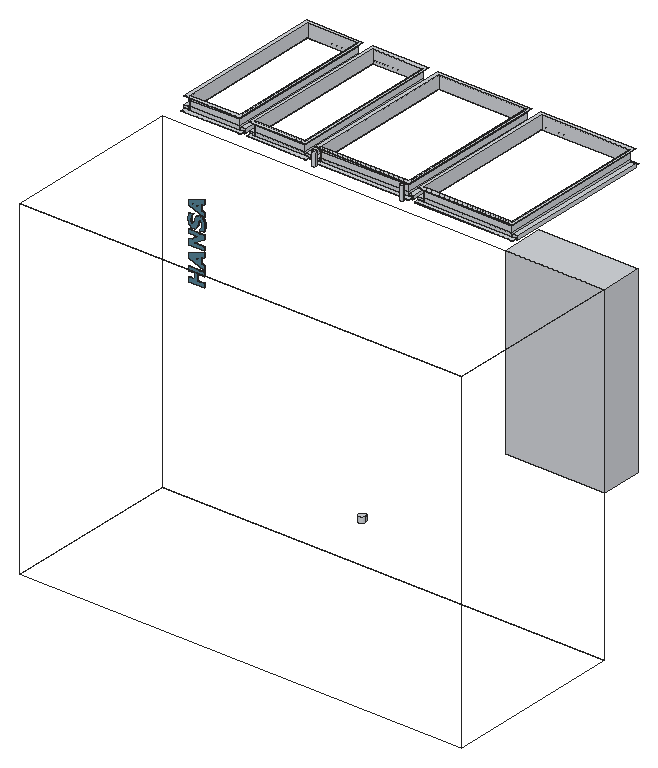
Revit family "KL-P-034-L", category HLS-Bauteile, Revit 2020
Family settings
  Bemaßung runder Anschluss = Durchmesser verwenden
  Klassifizierung = Keine
  Teiletyp = Normal
  Arbeitsebenenbasiert = Nein
  Immer vertikal = Ja
  Beim Laden mit Abzugskörper schneiden = Nein
  Gemeinsam genutzt = Nein
  Raumberechnungspunkt = Nein
Parameters
  Zuluftbreite [instance] = 530 mm  # constant formula
  Vorgabe-Ansicht = 0 mm
  TyS [instance] = size_lookup("TyS_Hansa_KL_P", "", "ND", RLT_Serie, Gehaeuserichtung, Gehaeuseausfuehrung, RLT_MSR_KZ)  # "KL-P-034-L-eCS"
  Schaltschrankbreite [instance] = 600 mm
  Schaltschrank_montiert [instance] = yes
  SSaG [instance] = and(or(Regelung SAIA, Regelung OJ), Schaltschrank_montiert)  # yes
  Regelung SAIA [instance] = yes
  Regelung OJ [instance] = no
  RLT_Volumenstrom_max = 3400 m³/h  # constant formula
  RLT_Volumenstrom_Unit_2 [instance] = 3400 m³/h
  RLT_Volumenstrom_Unit_1 [instance] = 3400 m³/h
  RLT_Typenschlüssel [instance] = TyS  # "KL-P-034-L-eCS"
  RLT_Serie = "KL-P-034"  # constant formula
  RLT_Material_außen [instance] = Stahlblech verzinkt + RAL 9002
  RLT_MSR_KZ [instance] = if(Regelung SAIA, "eCS", if(Regelung OJ, "eCO", "-"))  # "eCS"
  RLT_Länge [instance] = L  # 2070 mm
  RLT_Höhe = H  # 1890 mm
  RLT_Gewicht [instance] = size_lookup("TD_Hansa_KL_P", "Gewicht", 0 mm, TyS) / 1 mm * 1.00 kg  # 777.00 kg
  RLT_Breite = B  # 1080 mm
  Modell = "KL-P-034-L"  # constant formula
  L2 = 1295 mm  # constant formula
  L1 = 775 mm  # constant formula
  L = L1 + L2  # 2070 mm
  Kanaltiefe [instance] = RLT_Breite - 190 mm  # 890 mm
  Hersteller = "Hansa"  # constant formula
  H = 1890 mm  # constant formula
  GeräteOK [instance] = H + Fuß  # 2010 mm
  Gehaeuserichtung [instance] = "L"  # constant formula
  Gehaeuseausfuehrung [instance] = "ungeteilt"  # constant formula
  GD_Spannung [instance] = 230 V
  GD_Phasen [instance] = 1
  GD_Nennstrom [instance] = 0 A
  GD_Anschlussleistung [instance] = 0 W
  Fuß [instance] = 120 mm  # constant formula
  Fortluftbreite = 300 mm  # constant formula
  Bedienzone [instance] = yes
  Baugruppe [instance] = "RLT-Gerät"  # constant formula
  BZl [instance] = if(and(or(Regelung SAIA, Regelung OJ), Schaltschrank_montiert), L + Schaltschrankbreite, L)  # 2670 mm
  B = 1080 mm  # constant formula
  Außenluftbreite = 300 mm  # constant formula
  Abluftbreite [instance] = 530 mm  # constant formula
Reference planes
  plane 1 "Mitte (Vorne/hinten)": y = 0
  plane 2: z = 0
  plane 3 "Mitte (Links/rechts)": x = 0
  plane 4: x = -1035
  plane 5: x = 1035
  plane 6 "GV": y = -540
  plane 7 "GH": y = 540
  plane 8 "OKG": z = 2010
  plane 9: y = 477.5
  plane 10: y = -312.5
  plane 11: x = -972.5
  plane 12: x = 972.5
  plane 13: x = -672.5
  plane 14: x = -577.5
  plane 15: x = -277.5
  plane 16: x = 442.5
  plane 17: x = 347.5
  plane 18: x = -182.5
  plane 19: z = 2090
  plane 20 "UKG": z = 120
  plane 21: y = -290
  plane 22: y = -330
  plane 23: z = 90
  plane 24: y = -464
  plane 25: x = -260
  plane 26: y = -1620
  plane 27: x = 1635
Forms (mm)
  Extrusion 1, solid, visible <- "SSaG"
    sketch origin (-256.559, 0, -70) x (1, 0, 0) y (0, 0, 1)
      loop
        line (1291.559, 2080) -> (1291.559, 980) -> (1891.559, 980) -> (1891.559, 2080) -> (1291.559, 2080)
    from 540 to 290
  Extrusion 2, solid
    sketch origin (0, 0, 0) x (1, 0, 0) y (0, 1, 0)
      loop
        circle (0, -330) r 20
    from 120 to 90
  Extrusion 3, solid
    sketch origin (0, 0, 0) x (1, 0, 0) y (0, 1, 0)
      loop
        circle (-182.5, -464) r 10
      loop
        circle (347.5, -464) r 10
    from 2090 to 2010
  Extrusion 4, solid, material "Glas - klar", visible <- "Bedienzone"
    sketch origin (0, 0, 0) x (1, 0, 0) y (0, 1, 0)
      loop
        line (-1035, -540) -> (-1035, -1620) -> (1635, -1620) -> (1635, -540) -> (-1035, -540)
    from 2010 to 0
Dimensions and locks
  equal spacing: plane 4, plane 3 "Mitte (Links/rechts)", plane 5
  "L": plane 4 to plane 5
  "B": plane 7 "GH" to plane 6 "GV"
  locked: plane 7 "GH" to plane 9 at 62.5
  locked: plane 4 to plane 11 at 62.5
  locked: plane 12 to plane 5 at 62.5
  "Fortluftbreite": plane 11 to plane 13
  locked: plane 13 to plane 14 at 95
  "Außenluftbreite": plane 14 to plane 15
  "Abluftbreite": plane 16 to plane 12
  locked: plane 17 to plane 16 at 95
  "Zuluftbreite": plane 18 to plane 17
  plane 15 to plane 18 = 95 mm
  locked: nested 3 to plane 16 at 95
  "Fuß": plane 20 "UKG" to level
  plane 19 to plane 8 "OKG" = 80 mm
  locked: plane 4 to nested 1 at 62.5
  locked: plane 13 to nested 2 at 95
  locked: nested 4 to plane 5 at 62.5
  Extrusion 1 to plane 5 = 600 mm
  "RLT_Höhe": plane 8 "OKG" to plane 20 "UKG"
  equal spacing: plane 7 "GH", plane 1 "Mitte (Vorne/hinten)", plane 6 "GV"
  locked: plane 6 "GV" to plane 21 at 250
  locked: plane 6 "GV" to plane 22 at 210
  plane 20 "UKG" to plane 23 = 30 mm
  locked: plane 24 to plane 6 "GV" at 76
  "L1": plane 4 to plane 25
  "B": plane 26 to plane 6 "GV"
  "BZl": Extrusion 4 to Extrusion 4
  "Schaltschrankbreite": plane 5 to plane 27
  aligned and locked: level to plane 2
  aligned and locked: Extrusion 1 to plane 8 "OKG"
  aligned and locked: plane 6 "GV" to Extrusion 1
  aligned and locked: Extrusion 1 to plane 21
  aligned and locked: plane 20 "UKG" to Extrusion 2
  aligned and locked: Extrusion 2 to plane 23
  aligned and locked: Extrusion 3 to plane 8 "OKG"
  aligned and locked: plane 19 to Extrusion 3
  aligned and locked: plane 4 to Extrusion 4
  aligned and locked: Extrusion 4 to plane 6 "GV"
  aligned and locked: Extrusion 4 to plane 26
  aligned and locked: plane 8 "OKG" to Extrusion 4
  aligned and locked: plane 27 to Extrusion 1
  aligned and locked: plane 7 "GH" to nested 6
  aligned and locked: plane 4 to nested 6
Automatic sketch dimensions
  Extrusion 1 sketch curve to plane 5 = 0 mm
  Extrusion 1 sketch curve to plane 8 "OKG" = 0 mm
  plane 5 to Extrusion 1 sketch curve = 600 mm
  plane 20 "UKG" to Extrusion 1 sketch curve = 790 mm
  Extrusion 2 sketch curve to plane 3 "Mitte (Links/rechts)" = 0 mm
  Extrusion 2 sketch curve to plane 22 = 0 mm
  Extrusion 3 sketch curve to plane 18 = 0 mm
  Extrusion 3 sketch curve to plane 17 = 0 mm
  Extrusion 3 sketch curve to plane 24 = 0 mm  (x2)
  Extrusion 4 sketch curve to plane 4 = 0 mm
  plane 5 to Extrusion 4 sketch curve = 600 mm
  Extrusion 4 sketch curve to plane 26 = 0 mm
  plane 6 "GV" to Extrusion 4 sketch curve = 0 mm
  radius of Extrusion 2 sketch curve = 20 mm
  radius of Extrusion 3 sketch curve = 10 mm  (x2)
Nested families
  nested 1: "Kanalstutzen" at (-822.5, 29.209, 2010) x (1, 0, 0) z (0, -1, 0), 2570_EST_Breite <- "Fortluftbreite", 2571_EST_Höhe <- "Kanaltiefe", built-in parameter 1001360 <- "GeräteOK", type "Kanalstutzen"
    with Tiefe 80 mm, RahmenG2 20 mm, RahmenG1 30 mm, Höhe 890 mm, Breite 300 mm, 2572_EST_Tiefe 80 mm, 2571_EST_Höhe 890 mm, 2570_EST_Breite 300 mm, 1966_EST_Rahmentyp ""
  nested 2: "Kanalstutzen" at (-427.5, 29.209, 2010) x (1, 0, 0) z (0, -1, 0), 2570_EST_Breite <- "Außenluftbreite", 2571_EST_Höhe <- "Kanaltiefe", built-in parameter 1001360 <- "GeräteOK", type "Kanalstutzen"
    with Tiefe 80 mm, RahmenG2 20 mm, RahmenG1 30 mm, Höhe 890 mm, Breite 300 mm, 2572_EST_Tiefe 80 mm, 2571_EST_Höhe 890 mm, 2570_EST_Breite 300 mm, 1966_EST_Rahmentyp ""
  nested 3: "Kanalstutzen" at (82.5, 29.209, 2010) x (1, 0, 0) z (0, -1, 0), 2570_EST_Breite <- "Zuluftbreite", 2571_EST_Höhe <- "Kanaltiefe", built-in parameter 1001360 <- "GeräteOK", type "Kanalstutzen"
    with Tiefe 80 mm, RahmenG2 20 mm, RahmenG1 30 mm, Höhe 890 mm, Breite 530 mm, 2572_EST_Tiefe 80 mm, 2571_EST_Höhe 890 mm, 2570_EST_Breite 530 mm, 1966_EST_Rahmentyp ""
  nested 4: "Kanalstutzen" at (707.5, 29.209, 2010) x (1, 0, 0) z (0, -1, 0), 2570_EST_Breite <- "Abluftbreite", 2571_EST_Höhe <- "Kanaltiefe", built-in parameter 1001360 <- "GeräteOK", type "Kanalstutzen"
    with Tiefe 80 mm, RahmenG2 20 mm, RahmenG1 30 mm, Höhe 890 mm, Breite 530 mm, 2572_EST_Tiefe 80 mm, 2571_EST_Höhe 890 mm, 2570_EST_Breite 530 mm, 1966_EST_Rahmentyp ""
  nested 5: "Hansa_Aufkleber_klein" at (-780, -540, 1390) x (0, 0, 1) z (0, -1, 0), type "Hansa_Aufkleber_klein"
  nested 6: "P-034-L_ipt" at (0, 0, 0), type "Norm"
Connectors
  hvac at (-822.5, 29.209, 2089), driven by "RLT_Volumenstrom_Unit_2", driven by "Fortluftbreite", driven by "Kanaltiefe"
    settings: on nested 1, index 1, duct flow 3400 m³/h, flow factor 0, pres drop 0.0 Pa, loss coef 0, conn angle 0.00°, conn width 300 mm, conn height 890 mm, conn diameter 609.6 mm, duct sys type 3, conn prof type 1, flow config 1, flow direction 2, loss method 0, conn ref index -1, conn util no, is conn primary yes, conn desc ""
  hvac at (-427.5, 29.209, 2089), driven by "RLT_Volumenstrom_Unit_1", driven by "Außenluftbreite", driven by "Kanaltiefe"
    settings: on nested 2, index 2, duct flow 3400 m³/h, flow factor 0, pres drop 0.0 Pa, loss coef 0, conn angle 0.00°, conn width 300 mm, conn height 890 mm, conn diameter 609.6 mm, duct sys type 1, conn prof type 1, flow config 1, flow direction 1, loss method 0, conn ref index -1, conn util no, is conn primary no, conn desc ""
  hvac at (82.5, 29.209, 2089), driven by "RLT_Volumenstrom_Unit_1", driven by "Zuluftbreite", driven by "Kanaltiefe"
    settings: on nested 3, index 3, duct flow 3400 m³/h, flow factor 0, pres drop 0.0 Pa, loss coef 0, conn angle 0.00°, conn width 530 mm, conn height 890 mm, conn diameter 609.6 mm, duct sys type 1, conn prof type 1, flow config 0, flow direction 2, loss method 0, conn ref index -1, conn util no, is conn primary no, conn desc ""
  hvac at (707.5, 29.209, 2089), driven by "RLT_Volumenstrom_Unit_2", driven by "Abluftbreite", driven by "Kanaltiefe"
    settings: on nested 4, index 4, duct flow 3400 m³/h, flow factor 0, pres drop 0.0 Pa, loss coef 0, conn angle 0.00°, conn width 530 mm, conn height 890 mm, conn diameter 609.6 mm, duct sys type 2, conn prof type 1, flow config 0, flow direction 1, loss method 0, conn ref index -1, conn util no, is conn primary no, conn desc ""
  piping at (0, -330, 90), diameter 40
    settings: on Extrusion 2, index 5, connector inside diameter 609.6 mm, connector length 0 mm, flow factor 0, pipe flow 0.0 L/s, pressure drop 0.0 Pa, fitting loss kfactor 0, connector angle 0.00°, fixture units 0, engagement length 0 mm, angle of deflection 0.00°, flow configuration 0, flow direction 2, fitting loss method 0, system type 16, joint type 0, gender type 0, connector reference index -1, connector utility 0, adjustable connector no, is connector primary yes, connector description ""
  piping at (-182.5, -464, 2090), diameter 20
    settings: on Extrusion 3, index 6, connector inside diameter 609.6 mm, connector length 0 mm, flow factor 0, pipe flow 0.0 L/s, pressure drop 0.0 Pa, fitting loss kfactor 0, connector angle 0.00°, fixture units 0, engagement length 0 mm, angle of deflection 0.00°, flow configuration 0, flow direction 1, fitting loss method 0, system type 7, joint type 0, gender type 0, connector reference index -1, connector utility 0, adjustable connector no, is connector primary no, connector description ""
  piping at (347.5, -464, 2090), diameter 20
    settings: on Extrusion 3, index 7, connector inside diameter 609.6 mm, connector length 0 mm, flow factor 0, pipe flow 0.0 L/s, pressure drop 0.0 Pa, fitting loss kfactor 0, connector angle 0.00°, fixture units 0, engagement length 0 mm, angle of deflection 0.00°, flow configuration 0, flow direction 2, fitting loss method 0, system type 19, joint type 0, gender type 0, connector reference index -1, connector utility 0, adjustable connector no, is connector primary no, connector description ""
Definition of nested family "Kanalstutzen"
  Parameters (values of type "Kanalstutzen")
    Default Elevation = 0 mm
    Tiefe [instance] = [2572_EST_Tiefe]  # 80 mm
    RahmenG2 [instance] = 20 mm
    RahmenG1 [instance] = 30 mm
    Höhe [instance] = [2571_EST_Höhe]  # 500 mm
    Manufacturer = "Hansa"
    Breite [instance] = [2570_EST_Breite]  # 1000 mm
    Description = "Durchbruchsverkleidung"
    2572_EST_Tiefe [instance] = 80 mm
    2571_EST_Höhe [instance] = 500 mm
    2570_EST_Breite [instance] = 1000 mm
    1966_EST_Rahmentyp [instance] = ""
  Reference planes
    plane 1 "Mitte (Vorne/hinten)": y = 0
    plane 2: z = 0
    plane 3 "Mitte (Links/rechts)": x = 0
    plane 4: x = -500
    plane 5: x = 500
    plane 6 "hinten": y = 80
    plane 7: z = 250
    plane 8: z = -250
    plane 9 "R1links": x = -530
    plane 10 "R1rechts": x = 530
    plane 11 "R2links": x = -520
    plane 12 "R2rechts": x = 520
    plane 13 "R1oben": z = 280
    plane 14 "R1unten": z = -280
    plane 15: z = -270
    plane 16: z = 270
  Forms (mm)
    Sweep 1, solid
      path origin (0, 0, 0) x (1, 0, 0) y (0, 0, 1)
        loop
          line (-500, 250) -> (-500, -250) -> (500, -250) -> (500, 250) -> (-500, 250)
      profile origin (0, 0, 250) x (0, 0, 1) y (0, -1, 0)
        loop
          line (0, -40) -> (0, -80) -> (20, -80) -> (20, -79) -> (1.999, -79) -> (1.999, -59) -> (0.962, -59) -> (0.962, -21.406) -> (1.999, -21.406) -> (1.999, -1.406) -> (30, -1.406) -> (30, 0) -> (0, 0) -> (0, -40)
  Dimensions and locks
    equal spacing: plane 4, plane 3 "Mitte (Links/rechts)", plane 5
    "Breite": plane 4 to plane 5
    equal spacing: plane 7, level, plane 8
    "Höhe": plane 7 to plane 8
    "RahmenG1": plane 9 "R1links" to plane 4
    "RahmenG1": plane 5 to plane 10 "R1rechts"
    "RahmenG2": plane 11 "R2links" to plane 4
    "RahmenG2": plane 5 to plane 12 "R2rechts"
    "RahmenG1": plane 13 "R1oben" to plane 7
    "RahmenG1": plane 8 to plane 14 "R1unten"
    "RahmenG2": plane 16 to plane 7
    "RahmenG2": plane 8 to plane 15
    Sweep 1 sketch curve to Sweep 1 sketch curve = 1.406 mm
    Sweep 1 sketch curve to Sweep 1 sketch curve = 1 mm
    Sweep 1 sketch curve to Sweep 1 sketch curve = 0.962 mm
    "2572_EST_Tiefe": plane 6 "hinten" to plane 1 "Mitte (Vorne/hinten)"
    aligned and locked: level to plane 2
    aligned and locked: plane 16 to Sweep 1 sketch curve
    aligned and locked: plane 13 "R1oben" to Sweep 1 sketch curve
    aligned and locked: plane 1 "Mitte (Vorne/hinten)" to Sweep 1
    aligned and locked: plane 1 "Mitte (Vorne/hinten)" to nested 1
    aligned and locked: nested 1 to plane 10 "R1rechts"
    aligned and locked: nested 2 to plane 9 "R1links"
    aligned and locked: plane 8 to nested 2
    aligned and locked: nested 1 to plane 8
  Automatic sketch dimensions
    plane 4 to Sweep 1 sketch curve = 0 mm
    plane 5 to Sweep 1 sketch curve = 0 mm
    Sweep 1 sketch curve to plane 8 = 0 mm
    Sweep 1 sketch curve to plane 7 = 0 mm
    Sweep 1 sketch curve to plane 1 "Mitte (Vorne/hinten)" = 0 mm
    profile plane to Sweep 1 sketch curve = 0 mm
    Sweep 1 sketch curve to profile plane = 1.999 mm  (x2)
    Sweep 1 sketch curve to Sweep 1 sketch curve = 20 mm  (x2)
    Sweep 1 sketch curve to Sweep 1 sketch curve = 18.594 mm
    Sweep 1 sketch curve to Sweep 1 sketch curve = 19 mm
  Nested families
    nested 1: "EGJK30" at (520, 0, -250), L <- "Höhe", type "EGJK30"
      with L 500 mm
    nested 2: "EGJK30" at (-520, 0, -250) x (-1, 0, 0) z (0, 0, 1), L <- "Höhe", type "EGJK30"
      with L 500 mm
  Definition of nested family "EGJK30"
    Parameters (values of type "EGJK30")
      Default Elevation = 0 mm
      L [instance] = 1000 mm
    Reference planes
      plane 1 "Mitte (Vorne/hinten)": y = 0
      plane 2: z = 0
      plane 3 "Mitte (Links/rechts)": x = 0
    Forms (mm)
      Extrusion 1, solid
        sketch origin (16.67, -35.46, 0) x (1, 0, 0) y (0, 1, 0)
          loop
            line (-26.67, 25.46) -> (-6.67, 25.46) -> (-6.67, 30.46) -> (-1.67, 30.46) -> (-1.67, 50.46) -> (-34.67, 50.46) -> (-34.67, 38.46) -> (-5.67, 38.46) -> (-5.67, 35.46) -> (-25.67, 35.46) -> (-25.67, 36.96) -> (-34.67, 36.96) -> (-34.67, 33.96) -> (-26.67, 25.46)
        from 0 to 1000
    Dimensions and locks
      "L": Extrusion 1 to Extrusion 1
      aligned and locked: level to plane 2
    Automatic sketch dimensions
      plane 1 "Mitte (Vorne/hinten)" to Extrusion 1 sketch curve = 0 mm
      Extrusion 1 sketch curve to plane 3 "Mitte (Links/rechts)" = 18 mm
      plane 1 "Mitte (Vorne/hinten)" to Extrusion 1 sketch curve = 1.5 mm
      Extrusion 1 sketch curve to Extrusion 1 sketch curve = 0 mm
      Extrusion 1 sketch curve to plane 3 "Mitte (Links/rechts)" = 10 mm
      Extrusion 1 sketch curve to plane 3 "Mitte (Links/rechts)" = 9 mm
      plane 1 "Mitte (Vorne/hinten)" to Extrusion 1 sketch curve = 5 mm
      plane 3 "Mitte (Links/rechts)" to Extrusion 1 sketch curve = 10 mm
      Extrusion 1 sketch curve to Extrusion 1 sketch curve = 1 mm
      Extrusion 1 sketch curve to Extrusion 1 sketch curve = 5 mm
      plane 1 "Mitte (Vorne/hinten)" to Extrusion 1 sketch curve = 10 mm
      Extrusion 1 sketch curve to plane 1 "Mitte (Vorne/hinten)" = 1.5 mm
      Extrusion 1 sketch curve to Extrusion 1 sketch curve = 1.5 mm
      Extrusion 1 sketch curve to Extrusion 1 sketch curve = 12 mm
Definition of nested family "Hansa_Aufkleber_klein"
  Parameters (values of type "Hansa_Aufkleber_klein")
    Default Elevation = 1219.2 mm
  Reference planes
    plane 1 "Mitte (Vorne/hinten)": y = 0
    plane 2: z = 0
    plane 3 "Mitte (Links/rechts)": x = 0
  Forms (mm)
    Extrusion 1, solid, detail levels medium+fine
      sketch origin (6.994, -10.767, 0) x (1, 0, 0) y (0, 1, 0)
        loop
          line (-226.694, 10.767) -> (-201.573, 10.767) -> (-201.573, 55.095) -> (-167.456, 55.095) -> (-167.456, 10.767) -> (-142.335, 10.767) -> (-142.335, 110.767) -> (-167.456, 110.767) -> (-167.456, 74.138) -> (-201.573, 74.138) -> (-201.573, 110.767) -> (-226.694, 110.767) -> (-226.694, 10.767)
        loop
          line (202.074, 82.404) -> (191.782, 49.341) -> (212.284, 49.341) -> (202.074, 82.404)
        loop
          line (188.703, 110.767) -> (154.91, 10.767) -> (180.032, 10.767) -> (186.353, 31.189) -> (217.795, 31.189) -> (224.035, 10.767) -> (249.886, 10.767) -> (216.093, 110.767) -> (188.703, 110.767)
        loop
          line (34.084, 10.767) -> (58.233, 10.767) -> (58.233, 110.767) -> (35.299, 110.767) -> (35.299, 53.474) -> (3.37, 110.767) -> (-27.424, 110.767) -> (-27.424, 10.767) -> (-4.49, 10.767) -> (-4.49, 80.459) -> (34.084, 10.767)
        loop
          line (-85.203, 82.404) -> (-95.495, 49.341) -> (-74.993, 49.341) -> (-85.203, 82.404)
        loop
          line (-98.575, 110.767) -> (-132.367, 10.767) -> (-107.245, 10.767) -> (-100.925, 31.189) -> (-69.482, 31.189) -> (-63.242, 10.767) -> (-37.391, 10.767) -> (-71.184, 110.767) -> (-98.575, 110.767)
        loop
          line (73.143, 16.683) -> (80.903, 13.695) -> (89.27, 11.213) -> (93.783, 10.238) -> (98.65, 9.542) -> (103.872, 9.124) -> (109.448, 8.984) -> (114.303, 9.126) -> (118.902, 9.552) -> (123.243, 10.261) -> (127.327, 11.253) -> (131.154, 12.53) -> (134.724, 14.09) -> (138.037, 15.933) -> (141.093, 18.061) -> (143.838, 20.421) -> (146.216, 22.963) -> (148.229, 25.688) -> (149.876, 28.595) -> (151.156, 31.685) -> (152.071, 34.957) -> (152.62, 38.411) -> (152.803, 42.048) -> (152.724, 44.578) -> (152.487, 46.981) -> (152.091, 49.257) -> (151.537, 51.407) -> (150.825, 53.431) -> (149.954, 55.328) -> (148.925, 57.098) -> (147.738, 58.741) -> (144.874, 61.745) -> (141.346, 64.434) -> (137.155, 66.81) -> (132.301, 68.871) -> (127.124, 70.542) -> (122.293, 71.829) -> (112.609, 74.057) -> (109.035, 74.977) -> (106.095, 75.952) -> (103.788, 76.982) -> (102.114, 78.069) -> (100.927, 79.287) -> (100.078, 80.713) -> (99.569, 82.346) -> (99.4, 84.187) -> (99.506, 85.453) -> (99.825, 86.659) -> (100.357, 87.803) -> (101.101, 88.887) -> (102.965, 90.731) -> (105.153, 92.048) -> (107.99, 93.142) -> (110.664, 93.83) -> (113.439, 94.195) -> (116.579, 94.317) -> (120.768, 94.112) -> (124.906, 93.496) -> (128.993, 92.471) -> (133.03, 91.035) -> (136.889, 89.3) -> (140.445, 87.378) -> (143.697, 85.268) -> (146.644, 82.971) -> (148.832, 82.971) -> (148.832, 105.824) -> (145.231, 107.285) -> (141.397, 108.589) -> (137.33, 109.737) -> (133.03, 110.727) -> (128.608, 111.524) -> (124.177, 112.094) -> (119.735, 112.436) -> (115.283, 112.55) -> (110.919, 112.414) -> (106.741, 112.006) -> (102.749, 111.325) -> (98.944, 110.372) -> (95.324, 109.147) -> (91.891, 107.65) -> (88.644, 105.88) -> (85.583, 103.839) -> (82.8, 101.578) -> (80.389, 99.151) -> (78.348, 96.559) -> (76.679, 93.8) -> (75.38, 90.876) -> (74.453, 87.786) -> (73.896, 84.53) -> (73.711, 81.108) -> (74.025, 76.136) -> (74.967, 71.596) -> (76.537, 67.486) -> (78.735, 63.806) -> (80.094, 62.119) -> (81.657, 60.522) -> (83.426, 59.014) -> (85.4, 57.597) -> (87.58, 56.269) -> (89.964, 55.031) -> (92.553, 53.884) -> (95.348, 52.826) -> (100.625, 51.195) -> (106.247, 49.868) -> (111.869, 48.642) -> (117.147, 47.315) -> (119.104, 46.707) -> (120.925, 45.937) -> (122.609, 45.006) -> (124.156, 43.912) -> (125.451, 42.645) -> (126.375, 41.197) -> (126.929, 39.566) -> (127.114, 37.753) -> (127, 36.17) -> (126.658, 34.744) -> (126.089, 33.475) -> (125.291, 32.364) -> (123.275, 30.53) -> (120.874, 29.163) -> (118.413, 28.312) -> (115.242, 27.704) -> (112.052, 27.339) -> (109.529, 27.218) -> (105.242, 27.433) -> (100.889, 28.079) -> (96.47, 29.155) -> (91.985, 30.662) -> (87.561, 32.569) -> (83.324, 34.845) -> (79.274, 37.492) -> (75.413, 40.508) -> (73.143, 40.508) -> (73.143, 16.683)
      from 0 to 2
  Dimensions and locks
    aligned and locked: level to plane 2
Definition of nested family "P-034-L_ipt"
  Parameters (values of type "Norm")
    Default Elevation = 0 mm
  Reference planes
    plane 1 "Mitte (Vorne/Hinten)": y = 0
    plane 2: z = 0
    plane 3 "Mitte (Links/Rechts)": x = 0
  Dimensions and locks
    aligned and locked: level to plane 2
